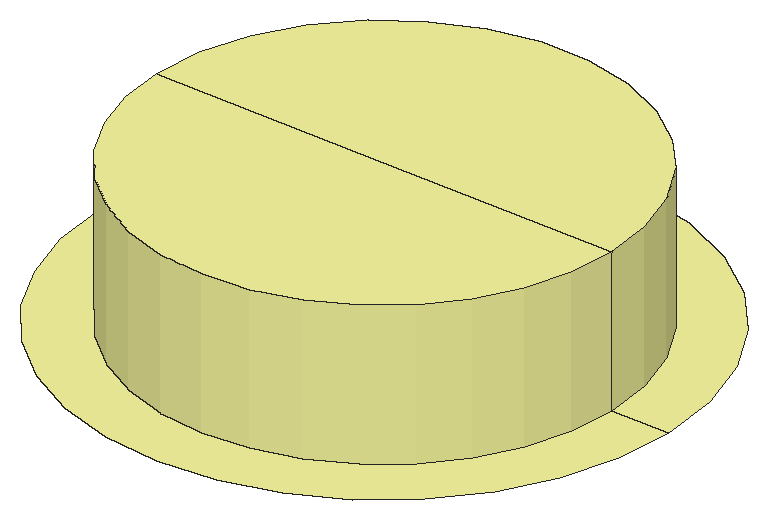
Revit family "e3bw Light_Em_Spitfire (3)", category Lighting Fixtures, Revit 2014
Parameters (values of type "Water Proof")
  Ref Zone [instance] = ""
  Ref Room [instance] = ""
  Ref Level [instance] = ""
  Ref Id [instance] = ""
  Ref Building [instance] = ""
  Designation [instance] = ""
  Comments [instance] = ""
Types (3): name
  Water Proof
  Surface
  Standard
Reference planes
  plane 1 "Center (Front/Back)": y = 0
  plane 2: z = 0
  plane 3 "Center (Left/Right)": x = 0
  plane 4 "Top": z = 25
Forms (mm)
  Revolve 1, solid
    sketch origin (0, 0, 0) x (1, 0, 0) y (0, 0, 1)
      loop
        arc (0, -5) -> (25.126, -3.759) -> (50, 0) r 250
        line (50, 0) -> (40, 0) -> (40, 25) -> (0, 25) -> (0, -5)
      axis (0, 25) -> (0, -5)
    angle from 0 to 360
Dimensions and locks
  plane 4 "Top" to level = 25 mm
  aligned and locked: level to plane 2
Nested families
  nested 1: "e3bw Anno_Em_Spitfire" at (0, 0, 0), type "Standard"
Definition of nested family "e3bw Anno_Em_Spitfire"
  Reference planes
    plane 1: y = 0
    plane 2: x = 0
  Lines and regions (mm)
    Filled region 1, type "Filled region 1"
      outline origin (0, 0, 0) x (1, 0, 0) y (0, 1, 0)
        loop
          arc (0.99, -0.99) -> (1.4, 0) -> (0.989, 0.991) r 1.4
          line (0.989, 0.991) -> (1.389, 0) -> (0.99, -0.99)
    Filled region 2, type "Filled region 1"
      outline origin (0, 0, 0) x (1, 0, 0) y (0, 1, 0)
        loop
          line (0, 0) -> (1.389, 0) -> (0.99, 0.99) -> (0, 0)
    Filled region 3, type "Filled region 1"
      outline origin (0, 0, 0) x (0, -1, 0) y (1, 0, 0)
        loop
          line (0, 0) -> (0.99, 0.99) -> (0, 1.389) -> (0, 0)
    Filled region 4, type "Filled region 1"
      outline origin (0, 0, 0) x (0, 1, 0) y (-1, 0, 0)
        loop
          line (-0.99, 0.99) -> (0, 1.389) -> (0.991, 0.989)
          arc (0.991, 0.989) -> (0, 1.4) -> (-0.99, 0.99) r 1.4
    Filled region 5, type "Filled region 1"
      outline origin (0, 0, 0) x (0, 1, 0) y (-1, 0, 0)
        loop
          line (0, 0) -> (0.99, 0.99) -> (0, 1.389) -> (0, 0)
    Filled region 6, type "Filled region 1"
      outline origin (0, 0, 0) x (-1, 0, 0) y (0, -1, 0)
        loop
          line (0, 0) -> (1.389, 0) -> (0.99, 0.99) -> (0, 0)
    detail lines, style "Symbols"
      curve 1: circle (0, 0, 0) r 1.4 normal (0, 0, 1)
    detail lines
      curve 2: line (0, 0, 0) -> (0.99, 0.99, 0)
      curve 3: line (0, 0, 0) -> (-0.99, 0.99, 0)
